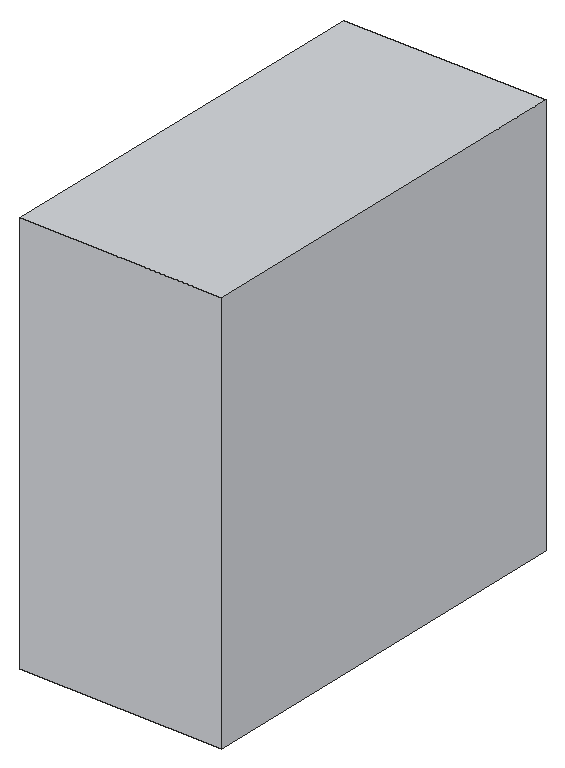
Revit family "Damper Parallel - Rectangular", category Duct Accessories, Revit 2017
Family settings
  Round Connector Dimension = Use Diameter
  Part Type = Damper
  OmniClass Number = 23.75.70.11.14.14
  OmniClass Title = Dampers for Air Ductwork
  Work Plane-Based = No
  Always vertical = Yes
  Cut with Voids When Loaded = No
  Shared = No
Parameters (values of type "Design to Fab")
  Symbol Width [instance] = Damper Width * 1.5  # 1' - 6"
  Pressure Drop [instance] = 1.00 in-wg
  Half Symbol Width [instance] = Symbol Width / 2  # 0' - 9"
  Half Damper Width [instance] = Damper Width / 2  # 0' - 6"
  Half Damper Length = Damper Length / 2  # 0' - 3"
  Half Damper Height [instance] = Damper Height / 2  # 0' - 6"
  Damper Width [instance] = 12"
  Damper Material = none
  Damper Length = 0' - 6"
  Damper Height [instance] = 12"
Reference planes (in)
  plane 1 "Center (Front/Back)": y = 0
  plane 2: z = 0
  plane 3 "Center (Left/Right)": x = 0
  plane 4: y = 6
  plane 5: y = -6
  plane 6: z = 6
  plane 7: z = -6
  plane 8: x = -3
  plane 9: x = 3
  plane 10: y = 7.5
  plane 11: y = 7.75
  plane 12: y = 9
  plane 13: y = -9
Forms (in)
  Extrusion 1, solid, material <- "Damper Material", detail levels fine
    sketch origin (0, 0, 0) x (0, 1, 0) y (0, 0, 1)
      loop
        line (-6, 6) -> (-6, -6) -> (6, -6) -> (6, 6) -> (-6, 6)
    from -3 to 3
  Extrusion 2, solid, material <- "Damper Material", detail levels fine
    sketch origin (0, 0, 0) x (1, 0, 0) y (0, 0, 1)
      loop
        circle (0, 0) r 0.25
    from -6 to -7.5
  Sweep 3, solid, material <- "Damper Material", detail levels fine
    path origin (0, 0, 0) x (1, 0, 0) y (0, 1, 0)
      loop
        line (0, 7.5) -> (0, 7.75)
    profile origin (0, 7.625, 0) x (-1, 0, 0) y (0, 0, 1)
      loop
        arc (0, 0.5) -> (-0.5, 0) -> (0, -0.5) r 0.5
        line (0, -0.5) -> (6, -0.5)
        arc (6, -0.5) -> (6.5, 0) -> (6, 0.5) r 0.5
        line (6, 0.5) -> (0, 0.5)
  Extrusion 4, solid, material <- "Damper Material", detail levels coarse+medium
    sketch origin (0, 0, 0) x (0, 1, 0) y (0, 0, 1)
      loop
        line (6, 6) -> (-6, 6) -> (-6, -6) -> (6, -6) -> (6, 6)
    from -3 to 3
Lines and regions (in)
  symbolic lines, detail levels coarse+medium
    curve 1: line (0, 9, 0) -> (0, -9, 0)
    curve 2: line (0, 9, 0) -> (-3, 9, 0)
    curve 3: line (-3, 6, 0) -> (-3, -6, 0)
    curve 4: line (3, 6, 0) -> (3, -6, 0)
Dimensions and locks (in)
  "Half Damper Width": plane 4 to plane 1 "Center (Front/Back)"
  "Half Damper Width": plane 1 "Center (Front/Back)" to plane 5
  "Half Damper Height": plane 6 to plane 2
  "Half Damper Height": plane 2 to plane 7
  "Half Damper Length": plane 8 to plane 3 "Center (Left/Right)"
  "Half Damper Length": plane 3 "Center (Left/Right)" to plane 9
  locked: plane 4 to plane 10 at 1.5
  locked: plane 11 to plane 10 at 0.25
  "Half Symbol Width": plane 13 to plane 1 "Center (Front/Back)"
  "Half Symbol Width": plane 1 "Center (Front/Back)" to plane 12
  radius of Extrusion 2 sketch curve = 0' - 0 1/4"
  radius of Sweep 3 sketch curve = 0' - 0 1/2"  (x2)
  aligned and locked: Extrusion 1 to plane 4
  aligned and locked: plane 5 to Extrusion 1
  aligned and locked: plane 6 to Extrusion 1
  aligned and locked: Extrusion 1 to plane 7
  aligned and locked: Extrusion 1 to plane 8
  aligned and locked: plane 9 to Extrusion 1
  aligned and locked: plane 3 "Center (Left/Right)" to Extrusion 2 sketch curve
  aligned and locked: plane 2 to Extrusion 2 sketch curve
  aligned and locked: plane 4 to Extrusion 2
  aligned and locked: plane 10 to Extrusion 2
  aligned and locked: plane 11 to Sweep 3 sketch curve
  aligned and locked: plane 10 to Sweep 3 sketch curve
  aligned and locked: plane 3 "Center (Left/Right)" to Sweep 3 sketch curve  (x3)
  aligned and locked: plane 2 to Sweep 3 sketch curve  (x2)
  aligned and locked: plane 13 to curve 1
  aligned and locked: curve 1 to plane 3 "Center (Left/Right)"
  aligned and locked: plane 8 to curve 2
  aligned and locked: plane 12 to curve 2
  aligned and locked: plane 4 to curve 3
  aligned and locked: plane 5 to curve 3
  aligned and locked: curve 3 to plane 8
  aligned and locked: plane 4 to curve 4
  aligned and locked: plane 5 to curve 4
  aligned and locked: curve 4 to plane 9
  aligned and locked: Extrusion 4 to plane 4
  aligned and locked: plane 5 to Extrusion 4
  aligned and locked: plane 6 to Extrusion 4
  aligned and locked: Extrusion 4 to plane 7
  aligned and locked: Extrusion 4 to plane 8
  aligned and locked: plane 9 to Extrusion 4
Automatic sketch dimensions
  Extrusion 1 sketch curve to plane 5 = 1' - 0"
  plane 4 to Extrusion 1 sketch curve = 1' - 0"
  Extrusion 1 sketch curve to level = 0' - 6"
  level to Extrusion 1 sketch curve = 0' - 6"
  Sweep 3 sketch curve to plane 3 "Center (Left/Right)" = 0' - 0"
  Sweep 3 sketch curve to profile plane = 0' - 6"
  Extrusion 4 sketch curve to plane 5 = 0' - 0"
  plane 4 to Extrusion 4 sketch curve = 0' - 0"
  Extrusion 4 sketch curve to plane 7 = 0' - 0"
  plane 6 to Extrusion 4 sketch curve = 0' - 0"
Connectors (in)
  hvac at (-3, 0, 0), driven by "Damper Height", driven by "Damper Width", driven by "Pressure Drop"
    settings: on Extrusion 1, index 1, duct flow 0 CFM, flow factor 0, pres drop 1.00 in-wg, loss coef 0, conn angle 0.00°, conn width 12", conn height 12", conn diameter 24", duct sys type 29, conn prof type 1, flow config 0, flow direction 0, loss method 4, conn ref index 2, conn util no, is conn primary yes, conn desc ""
  hvac at (3, 0, 0), driven by "Damper Height", driven by "Damper Width"
    settings: on Extrusion 1, index 2, duct flow 0 CFM, flow factor 0, pres drop 0.00 in-wg, loss coef 0, conn angle 0.00°, conn width 12", conn height 12", conn diameter 24", duct sys type 29, conn prof type 1, flow config 0, flow direction 0, loss method 4, conn ref index 1, conn util no, is conn primary no, conn desc ""
